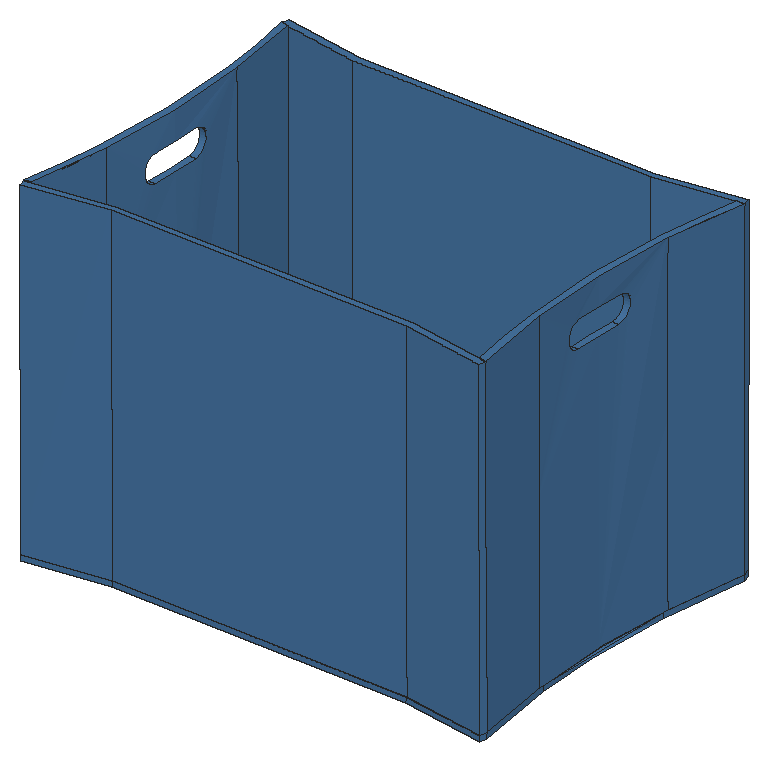
Revit family "Haworth_BuzziBox", category Furniture, Revit 2018
Family settings
  OmniClass Number = 23.40.70.14.64.21
  OmniClass Title = Systems Furniture
  Work Plane-Based = No
  Always vertical = Yes
  Cut with Voids When Loaded = No
  Shared = No
  Room Calculation Point = No
Parameters (values of type "HCBZ-BXAB-6")
  XXS Box = no
  XS Box = no
  XL Box = not(or(L Box, M Box, S Box, XS Box, XXS Box))  # yes
  Width = if(XXS Box, 13 25/32", if(XS Box, 13 25/32", if(S Box, 13 25/32", if(M Box, 23 159/256", if(L Box, 25 151/256", 27 143/256")))))  # 27 143/256"
  Warranty = "http://www.haworth.com/resources/product-info/warranties"
  URL - Product = "https://www.haworth.com/products/accessories/accessories-decor/buzzibox"
  URL = "http://www.haworth.com/our-brands/haworth-collection"
  Standard Widths = "13.78, 23.62, 25.59, 27.56 in."  # constant formula
  Standard Heights = "10.63, 13.78, 15.75, 17.72, 19.69 in."  # constant formula
  Standard Depths = "7.09, 9.84, 13.78, 15.75, 17.72, 19.69 in."  # constant formula
  Size = "Verify Final Dim. w/ Haworth"  # constant formula
  S Box = no
  Revision Number = "1"  # constant formula
  Model = "HCBZ-BXAB"  # constant formula
  Min. Width = 13 25/32"  # constant formula
  Min. Depth = 7 23/256"  # constant formula
  Max. Width = 27 143/256"  # constant formula
  Max. Depth = 19 177/256"  # constant formula
  Manufacturer = "Haworth"  # constant formula
  M Box = no
  L Box = no
  Description = "Haworth BuzziBox XL Box"
  Depth = if(XXS Box, 7 23/256", if(XS Box, 9 215/256", if(S Box, 13 25/32", if(M Box, 15 3/4", if(L Box, 17 23/32", 19 177/256")))))  # 19 177/256"
  Box Body Finish [instance] = Haworth _ Fabric _ BuzziFelt _ Jeans BFE-75
  Author = "Haworth (Abd Rahman)"  # constant formula
  Assembly Code = "E2020200"
  Actual Width = if(Width > Max. Width, Max. Width, if(Width < Min. Width, Min. Width, Width))  # 27 143/256"
  Actual Height = if(XXS Box, 10 161/256", if(XS Box, 10 161/256", if(S Box, 13 25/32", if(M Box, 15 3/4", if(L Box, 17 23/32", 19 177/256")))))  # 19 177/256"
  Actual Depth = if(Depth > Max. Depth, Max. Depth, if(Depth < Min. Depth, Min. Depth, Depth))  # 19 177/256"
Reference planes (in)
  plane 1: z = 0
  plane 2 "Back": y = 11.5957
  plane 3 "Front": y = -8.0957
  plane 4 "Top": z = 19.69141
  plane 5 "Right": x = 46.08538
  plane 6 "Left": x = 18.52678
  plane 7: x = 32.30608
  plane 8: y = 1.75
  plane 9: x = 17.38588
  plane 10: x = 47.30714
  plane 11: x = 45.58538
  plane 12: y = 11.0957
  plane 13: x = 19.02678
  plane 14: y = -7.5957
Lines and regions (in)
  Masking region 1
    outline origin (0, 0, 0) x (1, 0, 0) y (0, 1, 0)
      loop
        line (46.08538, 11.5957) -> (18.52678, 11.5957) -> (18.52678, -8.0957) -> (46.08538, -8.0957) -> (46.08538, 11.5957)
  symbolic lines, detail levels medium+fine
    curve 1: line (19.02678, 11.0957, 0) -> (45.58538, 11.0957, 0)
    curve 2: line (19.02678, -7.5957, 0) -> (19.02678, 11.0957, 0)
    curve 3: line (45.58538, -7.5957, 0) -> (19.02678, -7.5957, 0)
    curve 4: line (45.58538, 11.0957, 0) -> (45.58538, -7.5957, 0)
Dimensions and locks (in)
  "Actual Width": plane 6 "Left" to plane 5 "Right"
  "Actual Depth": plane 3 "Front" to plane 2 "Back"
  equal spacing: plane 6 "Left", plane 7, plane 5 "Right"
  equal spacing: plane 2 "Back", plane 8, plane 3 "Front"
  "Actual Height": plane 4 "Top" to plane 1  (x2)
  locked: plane 2 "Back" to plane 12 at 0.5
  locked: plane 11 to plane 5 "Right" at 0.5
  locked: plane 3 "Front" to plane 14 at 0.5
  locked: plane 6 "Left" to plane 13 at 0.5
  aligned and locked: plane 2 "Back" to Masking region 1
  aligned and locked: plane 5 "Right" to Masking region 1
  aligned and locked: plane 3 "Front" to Masking region 1
  aligned and locked: plane 6 "Left" to Masking region 1
  aligned and locked: curve 1 to plane 12
  aligned and locked: curve 4 to plane 11
  aligned and locked: curve 3 to plane 14
  aligned and locked: curve 2 to plane 13
  aligned and locked: plane 5 "Right" to nested 1
  aligned and locked: plane 2 "Back" to nested 1
  aligned and locked: plane 6 "Left" to nested 1
  aligned and locked: nested 1 to plane 3 "Front"
Automatic sketch dimensions
  Masking region 1 sketch curve to plane 2 "Back" = 0"
  plane 6 "Left" to Masking region 1 sketch curve = 0"
  plane 5 "Right" to Masking region 1 sketch curve = 0"
  plane 3 "Front" to Masking region 1 sketch curve = 0"
Nested families (in)
  nested 1: "Haworth_BuzziBox_PART" at (0, 0, 0), Box Body Finish <- "Box Body Finish", type "PART"
Definition of nested family "Haworth_BuzziBox_PART"
  Parameters (values of type "PART")
    XXS Box = yes
    XS Box = yes
    XL Box = yes
    Warranty = "http://www.haworth.com/resources/product-info/warranties"
    URL - Product = "https://www.haworth.com/products/accessories/accessories-decor/buzzibox"
    URL = "http://www.haworth.com/our-brands/haworth-collection"
    Size = "Verify Final Dim. w/ Haworth"  # constant formula
    S Box = yes
    Revision Number = "1"  # constant formula
    Model = "HCBZ-BXAB"  # constant formula
    Manufacturer = "Haworth"  # constant formula
    M Box = yes
    L Box = yes
    Description = "Haworth BuzziBox - PART"
    Box Body Finish [instance] = none
    Author = "Haworth (Abd Rahman)"  # constant formula
    Assembly Code = "E2020200"
    Actual Width = 27 143/256"
    Actual Height = 19 177/256"
    Actual Depth = 19 177/256"
  Reference planes (in)
    plane 1: z = 0
    plane 2 "Top": z = 19.69141
    plane 3: x = 32.30608
    plane 4: y = 1.75
    plane 5: x = 17.38588
    plane 6: x = 47.30714
    plane 7: z = 0.31496
    plane 8: z = 17.72
    plane 9: z = 15.75
    plane 10: z = 13.78
    plane 11: z = 10.63
    plane 12: x = 18.52678
    plane 13: x = 46.08538
    plane 14: y = 11.5957
    plane 15: y = -8.0957
  Forms (in)
    SweptBlend 1, solid, material <- "Box Body Finish", visible <- "XL Box"
      path origin (42.07954, -33.99535, 0) x (0, -1, 0) y (0, 0, -1)
        loop
          line (-45.63516, -0.31496) -> (-45.63516, -19.69141)
      profile origin (42.07954, 11.63981, 0.31496) x (0, -1, 0) y (1, 0, 0)
        loop
          line (0.55817, 3.69033) -> (0.17191, 3.59073)
          arc (0.17191, 3.59073) -> (0.60838, 1.1629) -> (0.91654, -1.28453) r 46.87691
          arc (0.91654, -1.28453) -> (1.342, -9.87806) -> (0.91654, -18.47159) r 87
          arc (0.91654, -18.47159) -> (0.61948, -20.84595) -> (0.20165, -23.20205) r 46.87691
          line (0.20165, -23.20205) -> (0.58797, -23.30167)
          arc (0.58797, -23.30167) -> (1.00839, -20.93887) -> (1.30835, -18.55779) r 47.27535
          arc (1.30835, -18.55779) -> (1.74241, -9.87806) -> (1.30835, -1.19833) r 87
          arc (1.30835, -1.19833) -> (0.99724, 1.25582) -> (0.55817, 3.69033) r 47.27535
      end profile origin (42.07954, 11.63981, 19.69141) x (0, -1, 0) y (1, 0, 0)
        loop
          line (0.5167, 3.67974) -> (0.13043, 3.58013)
          arc (0.13043, 3.58013) -> (0.56553, 1.15755) -> (0.87287, -1.28453) r 46.87691
          arc (0.87287, -1.28453) -> (1.29833, -9.87806) -> (0.87287, -18.47159) r 87
          arc (0.87287, -18.47159) -> (0.57681, -20.83933) -> (0.16066, -23.18893) r 46.87691
          line (0.16066, -23.18893) -> (0.54698, -23.28855)
          arc (0.54698, -23.28855) -> (0.96572, -20.93226) -> (1.26468, -18.55779) r 47.27535
          arc (1.26468, -18.55779) -> (1.69874, -9.87806) -> (1.26468, -1.19833) r 87
          arc (1.26468, -1.19833) -> (0.95439, 1.25047) -> (0.5167, 3.67974) r 47.27535
    SweptBlend 2, solid, material <- "Box Body Finish", visible <- "XL Box"
      path origin (42.07954, 37.38441, 0) x (0, 1, 0) y (0, 0, 1)
        loop
          line (-45.63516, 0.31496) -> (-45.63516, 19.69141)
      profile origin (42.07954, -8.25076, 0.31496) x (0, -1, 0) y (1, 0, 0)
        loop
          arc (-0.55817, 3.69033) -> (-0.99724, 1.25582) -> (-1.30835, -1.19833) r 47.27535
          arc (-1.30835, -1.19833) -> (-1.74241, -9.87806) -> (-1.30835, -18.55779) r 87
          arc (-1.30835, -18.55779) -> (-1.00839, -20.93887) -> (-0.58797, -23.30167) r 47.27535
          line (-0.58797, -23.30167) -> (-0.20165, -23.20205)
          arc (-0.20165, -23.20205) -> (-0.61948, -20.84595) -> (-0.91654, -18.47159) r 46.87691
          arc (-0.91654, -18.47159) -> (-1.342, -9.87806) -> (-0.91654, -1.28453) r 87
          arc (-0.91654, -1.28453) -> (-0.60838, 1.1629) -> (-0.17191, 3.59073) r 46.87691
          line (-0.17191, 3.59073) -> (-0.55817, 3.69033)
      end profile origin (42.07954, -8.25076, 19.69141) x (0, -1, 0) y (1, 0, 0)
        loop
          arc (-0.5167, 3.67974) -> (-0.95439, 1.25047) -> (-1.26468, -1.19833) r 47.27535
          arc (-1.26468, -1.19833) -> (-1.69874, -9.87806) -> (-1.26468, -18.55779) r 87
          arc (-1.26468, -18.55779) -> (-0.96572, -20.93226) -> (-0.54698, -23.28855) r 47.27535
          line (-0.54698, -23.28855) -> (-0.16066, -23.18893)
          arc (-0.16066, -23.18893) -> (-0.57681, -20.83933) -> (-0.87287, -18.47159) r 46.87691
          arc (-0.87287, -18.47159) -> (-1.29833, -9.87806) -> (-0.87287, -1.28453) r 87
          arc (-0.87287, -1.28453) -> (-0.56553, 1.15755) -> (-0.13043, 3.58013) r 46.87691
          line (-0.13043, 3.58013) -> (-0.5167, 3.67974)
    SweptBlend 3, solid, material <- "Box Body Finish", visible <- "XL Box"
      path origin (0.15322, -8.15118, 0) x (-1, 0, 0) y (0, 0, 1)
        loop
          arc (-45.75051, 0.31496) -> (-45.83876, 10.00463) -> (-46.09154, 19.69141) r 570.5932
      profile origin (45.90373, -8.15118, 0.31496) x (-1, 0, 0.000616) y (0, -1, 0)
        loop
          arc (0.85123, -14.56009) -> (0.55728, -16.90428) -> (0.14559, -19.23069) r 46.87691
          spline (0.14559, -19.23069) -> (0.18087, -19.22339) -> (0.21615, -19.21612) -> (0.25144, -19.20888) -> (0.28673, -19.20166) -> (0.32203, -19.19447) -> (0.35734, -19.18731) -> (0.39265, -19.18017) -> (0.42796, -19.17306) -> (0.46328, -19.16598) -> (0.49861, -19.15892) -> (0.53394, -19.15189) -> (0.56928, -19.14489)
          arc (0.56928, -19.14489) -> (0.96375, -16.88054) -> (1.24769, -14.59968) r 47.27535
          arc (1.24769, -14.59968) -> (1.4845, -9.8457) -> (1.24769, -5.09172) r 47.83736
          arc (1.24769, -5.09172) -> (0.96375, -2.81087) -> (0.56928, -0.54651) r 47.27535
          spline (0.56928, -0.54651) -> (0.53394, -0.53951) -> (0.49861, -0.53248) -> (0.46328, -0.52543) -> (0.42796, -0.51834) -> (0.39265, -0.51123) -> (0.35734, -0.5041) -> (0.32203, -0.49693) -> (0.28673, -0.48974) -> (0.25144, -0.48253) -> (0.21615, -0.47528) -> (0.18087, -0.46801) -> (0.14559, -0.46071)
          arc (0.14559, -0.46071) -> (0.55728, -2.78712) -> (0.85123, -5.13132) r 46.87691
          arc (0.85123, -5.13132) -> (1.08606, -9.8457) -> (0.85123, -14.56009) r 47.43892
      end profile origin (46.24475, -8.15118, 19.69141) x (-0.999402, 0, 0.034574) y (0, -1, 0)
        loop
          arc (1.18442, -14.56009) -> (0.88698, -16.92733) -> (0.46948, -19.27637) r 46.87691
          spline (0.46948, -19.27637) -> (0.50478, -19.26905) -> (0.54008, -19.26177) -> (0.57538, -19.25451) -> (0.61069, -19.24727) -> (0.64601, -19.24007) -> (0.68133, -19.23289) -> (0.71666, -19.22574) -> (0.75199, -19.21861) -> (0.78733, -19.21151) -> (0.82267, -19.20444) -> (0.85802, -19.1974) -> (0.89338, -19.19038)
          arc (0.89338, -19.19038) -> (1.29351, -16.90348) -> (1.58089, -14.59968) r 47.27535
          arc (1.58089, -14.59968) -> (1.81769, -9.8457) -> (1.58089, -5.09172) r 47.83736
          arc (1.58089, -5.09172) -> (1.29351, -2.78793) -> (0.89338, -0.50102) r 47.27535
          spline (0.89338, -0.50102) -> (0.85802, -0.49401) -> (0.82267, -0.48696) -> (0.78733, -0.47989) -> (0.75199, -0.47279) -> (0.71666, -0.46567) -> (0.68133, -0.45852) -> (0.64601, -0.45134) -> (0.61069, -0.44413) -> (0.57538, -0.4369) -> (0.54008, -0.42964) -> (0.50478, -0.42235) -> (0.46948, -0.41504)
          arc (0.46948, -0.41504) -> (0.88698, -2.76408) -> (1.18442, -5.13132) r 46.87691
          arc (1.18442, -5.13132) -> (1.41926, -9.8457) -> (1.18442, -14.56009) r 47.43892
    Extrusion 4, solid, material <- "Box Body Finish", visible <- "XL Box"
      sketch origin (-0.1046, -0.05547, 0) x (1, 0, 0) y (0, 1, 0)
        loop
          line (18.88796, -7.61874) -> (18.98463, -7.99361)
          arc (18.98463, -7.99361) -> (21.33774, -7.57655) -> (23.70905, -7.27995) r 46.87691
          arc (23.70905, -7.27995) -> (32.30258, -6.8545) -> (40.89612, -7.27995) r 87
          arc (40.89612, -7.27995) -> (43.34511, -7.58835) -> (45.77448, -8.02523) r 46.87691
          line (45.77448, -8.02523) -> (45.87146, -7.64914)
          spline (45.87146, -7.64914) -> (45.78884, -7.23306) -> (45.70999, -6.81626) -> (45.63491, -6.39876) -> (45.56361, -5.9806) -> (45.49609, -5.56181) -> (45.43237, -5.14242) -> (45.37244, -4.72248) -> (45.3163, -4.30201) -> (45.26397, -3.88105) -> (45.21545, -3.45963) -> (45.17075, -3.03779) -> (45.12985, -2.61556)
          spline (45.12985, -2.61556) -> (45.06849, -1.8899) -> (45.01826, -1.16339) -> (44.97917, -0.43619) -> (44.95124, 0.29153) -> (44.93446, 1.01959) -> (44.92884, 1.74782) -> (44.93439, 2.47605) -> (44.9511, 3.20411) -> (44.97897, 3.93183) -> (45.018, 4.65903) -> (45.06816, 5.38555) -> (45.12946, 6.11122)
          spline (45.12946, 6.11122) -> (45.17035, 6.53379) -> (45.21506, 6.95598) -> (45.26359, 7.37774) -> (45.31593, 7.79905) -> (45.37208, 8.21987) -> (45.43204, 8.64016) -> (45.4958, 9.05989) -> (45.56336, 9.47902) -> (45.63471, 9.89753) -> (45.70984, 10.31537) -> (45.78875, 10.73251) -> (45.87143, 11.14892)
          line (45.87143, 11.14892) -> (45.77466, 11.52419)
          arc (45.77466, 11.52419) -> (43.34137, 11.08628) -> (40.88837, 10.77727) r 46.87691
          arc (40.88837, 10.77727) -> (32.29485, 10.35182) -> (23.70132, 10.77727) r 87
          arc (23.70132, 10.77727) -> (21.33338, 11.07336) -> (18.98358, 11.48957) r 46.87691
          line (18.98358, 11.48957) -> (18.88796, 11.11874)
          spline (18.88796, 11.11874) -> (18.9698, 10.70522) -> (19.04791, 10.29098) -> (19.12231, 9.87605) -> (19.19297, 9.46047) -> (19.25989, 9.04428) -> (19.32308, 8.62749) -> (19.38251, 8.21016) -> (19.43819, 7.79231) -> (19.49012, 7.37397) -> (19.53828, 6.95519) -> (19.58268, 6.53598) -> (19.62331, 6.1164)
          spline (19.62331, 6.1164) -> (19.68473, 5.39023) -> (19.735, 4.66321) -> (19.7741, 3.93549) -> (19.80205, 3.20727) -> (19.81881, 2.4787) -> (19.8244, 1.74996) -> (19.81881, 1.02122) -> (19.80204, 0.29265) -> (19.7741, -0.43558) -> (19.73499, -1.16329) -> (19.68472, -1.89032) -> (19.62331, -2.61648)
          spline (19.62331, -2.61648) -> (19.58267, -3.03606) -> (19.53827, -3.45526) -> (19.49011, -3.87404) -> (19.43819, -4.29236) -> (19.3825, -4.71021) -> (19.32307, -5.12754) -> (19.25989, -5.54431) -> (19.19296, -5.9605) -> (19.1223, -6.37607) -> (19.04791, -6.79099) -> (18.9698, -7.20522) -> (18.88796, -7.61874)
      from 0 to 0.31496
    SweptBlend 5, solid, material <- "Box Body Finish", visible <- "XL Box"
      path origin (64.39037, -8.15118, 0) x (1, 0, 0) y (0, 0, 1)
        loop
          arc (-45.75047, 0.31496) -> (-45.83737, 10.00462) -> (-46.0888, 19.69141) r 570.5932
      profile origin (18.63991, -8.15118, 0.31496) x (-1, 0, -0.000477) y (0, -1, 0)
        loop
          arc (-0.85123, -14.56009) -> (-1.08606, -9.8457) -> (-0.85123, -5.13132) r 47.43892
          arc (-0.85123, -5.13132) -> (-0.55935, -2.80083) -> (-0.1511, -0.48788) r 46.87691
          arc (-0.1511, -0.48788) -> (-0.36266, -0.5306) -> (-0.57442, -0.57235) r 47.27535
          arc (-0.57442, -0.57235) -> (-0.96569, -2.8239) -> (-1.24769, -5.09172) r 47.27535
          arc (-1.24769, -5.09172) -> (-1.4845, -9.8457) -> (-1.24769, -14.59968) r 47.83736
          arc (-1.24769, -14.59968) -> (-0.96569, -16.86751) -> (-0.57442, -19.11905) r 47.27535
          arc (-0.57442, -19.11905) -> (-0.36266, -19.16081) -> (-0.1511, -19.20353) r 47.27535
          arc (-0.1511, -19.20353) -> (-0.55935, -16.89058) -> (-0.85123, -14.56009) r 46.87691
      end profile origin (18.30157, -8.15118, 19.69141) x (-0.999407, 0, -0.034435) y (0, -1, 0)
        loop
          arc (-1.18442, -14.56009) -> (-1.41926, -9.8457) -> (-1.18442, -5.13132) r 47.43892
          arc (-1.18442, -5.13132) -> (-0.88923, -2.77896) -> (-0.47549, -0.44453) r 46.87691
          spline (-0.47549, -0.44453) -> (-0.51075, -0.45172) -> (-0.54602, -0.45889) -> (-0.58129, -0.46602) -> (-0.61657, -0.47314) -> (-0.65186, -0.48022) -> (-0.68714, -0.48728) -> (-0.72244, -0.49431) -> (-0.75774, -0.50132) -> (-0.79304, -0.5083) -> (-0.82835, -0.51525) -> (-0.86367, -0.52217) -> (-0.89899, -0.52907)
          arc (-0.89899, -0.52907) -> (-1.29563, -2.80207) -> (-1.58089, -5.09172) r 47.27535
          arc (-1.58089, -5.09172) -> (-1.81769, -9.8457) -> (-1.58089, -14.59968) r 47.83736
          arc (-1.58089, -14.59968) -> (-1.29563, -16.88933) -> (-0.89899, -19.16234) r 47.27535
          spline (-0.89899, -19.16234) -> (-0.86367, -19.16924) -> (-0.82835, -19.17616) -> (-0.79304, -19.18311) -> (-0.75774, -19.19009) -> (-0.72244, -19.19709) -> (-0.68714, -19.20412) -> (-0.65186, -19.21118) -> (-0.61657, -19.21827) -> (-0.58129, -19.22538) -> (-0.54602, -19.23252) -> (-0.51075, -19.23969) -> (-0.47549, -19.24688)
          arc (-0.47549, -19.24688) -> (-0.88923, -16.91245) -> (-1.18442, -14.56009) r 46.87691
    Extrusion 6, void
      sketch origin (45.98078, -0.05547, 0) x (0, 1, 0) y (0, 0, 1)
        loop
          arc (0.26786, 18.11974) -> (-0.51954, 17.33234) -> (0.26786, 16.54493) r 0.7874
          line (0.26786, 16.54493) -> (3.23214, 16.54493)
          arc (3.23214, 16.54493) -> (4.01954, 17.33383) -> (3.22915, 18.11973) r 0.7874
          line (3.22915, 18.11973) -> (0.26786, 18.11974)
      from -29.43834 to 1.8253
    SweptBlend 7, solid, material <- "Box Body Finish", visible <- "L Box"
      path origin (42.19704, -33.87066, 0) x (0, -1, 0) y (0, 0, -1)
        loop
          line (-45.01016, -0.31496) -> (-45.01016, -17.72)
      profile origin (42.19704, 11.13951, 0.31496) x (0, -1, 0) y (1, 0, 0)
        loop
          line (0.71229, 2.91506) -> (0.32566, 2.81536)
          arc (0.32566, 2.81536) -> (0.66641, 0.77195) -> (0.91654, -1.28453) r 46.87691
          arc (0.91654, -1.28453) -> (1.342, -9.87806) -> (0.91654, -18.47159) r 87
          arc (0.91654, -18.47159) -> (0.66655, -20.52705) -> (0.32604, -22.56947) r 46.87691
          line (0.32604, -22.56947) -> (0.71267, -22.66917)
          arc (0.71267, -22.66917) -> (1.0557, -20.62003) -> (1.30835, -18.55779) r 47.27535
          arc (1.30835, -18.55779) -> (1.74241, -9.87806) -> (1.30835, -1.19833) r 87
          arc (1.30835, -1.19833) -> (1.05555, 0.86492) -> (0.71229, 2.91506) r 47.27535
      end profile origin (42.19704, 11.13951, 17.72) x (0, -1, 0) y (1, 0, 0)
        loop
          line (0.92038, 2.90579) -> (0.53375, 2.80609)
          arc (0.53375, 2.80609) -> (0.87341, 0.76728) -> (1.12287, -1.28453) r 46.87691
          arc (1.12287, -1.28453) -> (1.54833, -9.87806) -> (1.12287, -18.47159) r 87
          arc (1.12287, -18.47159) -> (0.87353, -20.52261) -> (0.53405, -22.56064) r 46.87691
          line (0.53405, -22.56064) -> (0.92068, -22.66034)
          arc (0.92068, -22.66034) -> (1.26267, -20.61558) -> (1.51468, -18.55779) r 47.27535
          arc (1.51468, -18.55779) -> (1.94874, -9.87806) -> (1.51468, -1.19833) r 87
          arc (1.51468, -1.19833) -> (1.26256, 0.86025) -> (0.92038, 2.90579) r 47.27535
    SweptBlend 8, solid, material <- "Box Body Finish", visible <- "L Box"
      path origin (-0.36209, -8.02648, 0) x (-1, 0, 0) y (0, 0, 1)
        loop
          arc (-45.75051, 0.31496) -> (-45.82225, 9.01853) -> (-46.02675, 17.72) r 570.5932
      profile origin (45.38842, -8.02648, 0.31496) x (-1, 0, 0.000616) y (0, -1, 0)
        loop
          arc (0.87981, -14.55981) -> (0.64356, -16.51084) -> (0.32573, -18.45024) r 46.87563
          arc (0.32573, -18.45024) -> (0.53642, -18.41077) -> (0.74727, -18.37225) r 47.27535
          arc (0.74727, -18.37225) -> (1.05079, -16.49141) -> (1.27828, -14.59987) r 47.27505
          arc (1.27828, -14.59987) -> (1.51509, -9.84594) -> (1.27829, -5.092) r 47.83703
          arc (1.27829, -5.092) -> (1.03199, -3.06823) -> (0.69867, -1.05696) r 47.275
          arc (0.69867, -1.05696) -> (0.48737, -1.01813) -> (0.27625, -0.97834) r 47.27535
          arc (0.27625, -0.97834) -> (0.62454, -3.04811) -> (0.87983, -5.13139) r 46.8756
          arc (0.87983, -5.13139) -> (1.11465, -9.8456) -> (0.87981, -14.55981) r 47.43764
      end profile origin (45.66465, -8.02648, 17.72) x (-0.999516, 0, 0.031119) y (0, -1, 0)
        loop
          arc (1.14536, -14.56009) -> (0.92461, -16.40134) -> (0.6312, -18.23242) r 46.87691
          spline (0.6312, -18.23242) -> (0.66605, -18.22587) -> (0.70091, -18.21934) -> (0.73577, -18.21284) -> (0.77063, -18.20636) -> (0.8055, -18.19991) -> (0.84038, -18.19349) -> (0.87526, -18.18709) -> (0.91014, -18.18072) -> (0.94503, -18.17438) -> (0.97993, -18.16806) -> (1.01483, -18.16177) -> (1.04973, -18.1555)
          arc (1.04973, -18.1555) -> (1.32954, -16.38226) -> (1.54182, -14.59968) r 47.27535
          arc (1.54182, -14.59968) -> (1.77863, -9.8457) -> (1.54182, -5.09172) r 47.83736
          arc (1.54182, -5.09172) -> (1.31111, -3.17737) -> (1.00253, -1.27402) r 47.27535
          spline (1.00253, -1.27402) -> (0.96755, -1.2677) -> (0.93257, -1.26135) -> (0.89759, -1.25498) -> (0.86262, -1.24859) -> (0.82765, -1.24216) -> (0.79269, -1.23571) -> (0.75773, -1.22924) -> (0.72278, -1.22274) -> (0.68783, -1.21621) -> (0.65289, -1.20965) -> (0.61795, -1.20307) -> (0.58302, -1.19647)
          arc (0.58302, -1.19647) -> (0.90591, -3.15793) -> (1.14536, -5.13132) r 46.87691
          arc (1.14536, -5.13132) -> (1.38019, -9.8457) -> (1.14536, -14.56009) r 47.43892
    SweptBlend 9, solid, material <- "Box Body Finish", visible <- "L Box"
      path origin (65.00788, -8.02648, 0) x (1, 0, 0) y (0, 0, 1)
        loop
          arc (-45.75051, 0.31496) -> (-45.82225, 9.01853) -> (-46.02675, 17.72) r 570.5932
      profile origin (19.25737, -8.02648, 0.31496) x (-1, 0, -0.000616) y (0, -1, 0)
        loop
          arc (-0.87076, -14.56009) -> (-1.10559, -9.8457) -> (-0.87076, -5.13132) r 47.43892
          arc (-0.87076, -5.13132) -> (-0.61563, -3.04912) -> (-0.26761, -0.98041) r 46.87691
          arc (-0.26761, -0.98041) -> (-0.4777, -1.01996) -> (-0.68796, -1.05856) r 47.27535
          arc (-0.68796, -1.05856) -> (-1.02107, -3.0689) -> (-1.26723, -5.09172) r 47.27535
          arc (-1.26723, -5.09172) -> (-1.50403, -9.8457) -> (-1.26723, -14.59968) r 47.83736
          arc (-1.26723, -14.59968) -> (-1.03983, -16.49053) -> (-0.73647, -18.37068) r 47.27535
          arc (-0.73647, -18.37068) -> (-0.5267, -18.40895) -> (-0.31712, -18.44817) r 47.27535
          arc (-0.31712, -18.44817) -> (-0.63467, -16.50993) -> (-0.87076, -14.56009) r 46.87691
      end profile origin (18.98113, -8.02648, 17.72) x (-0.999516, 0, -0.031119) y (0, -1, 0)
        loop
          arc (-1.12583, -14.56009) -> (-1.36066, -9.8457) -> (-1.12583, -5.13132) r 47.43892
          arc (-1.12583, -5.13132) -> (-0.88622, -3.15677) -> (-0.56306, -1.19416) r 46.87691
          spline (-0.56306, -1.19416) -> (-0.59799, -1.20078) -> (-0.63293, -1.20737) -> (-0.66788, -1.21393) -> (-0.70283, -1.22047) -> (-0.73778, -1.22698) -> (-0.77274, -1.23347) -> (-0.80771, -1.23993) -> (-0.84268, -1.24636) -> (-0.87765, -1.25277) -> (-0.91263, -1.25915) -> (-0.94761, -1.2655) -> (-0.9826, -1.27183)
          arc (-0.9826, -1.27183) -> (-1.29143, -3.17627) -> (-1.52229, -5.09172) r 47.27535
          arc (-1.52229, -5.09172) -> (-1.7591, -9.8457) -> (-1.52229, -14.59968) r 47.83736
          arc (-1.52229, -14.59968) -> (-1.30986, -16.38336) -> (-1.02982, -18.15767) r 47.27535
          spline (-1.02982, -18.15767) -> (-0.99491, -18.16395) -> (-0.96001, -18.17025) -> (-0.92511, -18.17658) -> (-0.89022, -18.18293) -> (-0.85533, -18.18931) -> (-0.82045, -18.19572) -> (-0.78557, -18.20215) -> (-0.7507, -18.20861) -> (-0.71583, -18.2151) -> (-0.68097, -18.22161) -> (-0.64611, -18.22815) -> (-0.61125, -18.23471)
          arc (-0.61125, -18.23471) -> (-0.90491, -16.40249) -> (-1.12583, -14.56009) r 46.87691
    SweptBlend 10, solid, material <- "Box Body Finish", visible <- "L Box"
      path origin (42.19704, 37.25569, 0) x (0, 1, 0) y (0, 0, 1)
        loop
          line (-45.01016, 0.31496) -> (-45.01016, 17.72)
      profile origin (42.19704, -7.75447, 0.31496) x (0, -1, 0) y (1, 0, 0)
        loop
          arc (-0.71229, 2.91506) -> (-1.05555, 0.86492) -> (-1.30835, -1.19833) r 47.27535
          arc (-1.30835, -1.19833) -> (-1.74241, -9.87806) -> (-1.30835, -18.55779) r 87
          arc (-1.30835, -18.55779) -> (-1.0557, -20.62003) -> (-0.71267, -22.66917) r 47.27535
          line (-0.71267, -22.66917) -> (-0.32604, -22.56947)
          arc (-0.32604, -22.56947) -> (-0.66655, -20.52705) -> (-0.91654, -18.47159) r 46.87691
          arc (-0.91654, -18.47159) -> (-1.342, -9.87806) -> (-0.91654, -1.28453) r 87
          arc (-0.91654, -1.28453) -> (-0.66641, 0.77195) -> (-0.32566, 2.81536) r 46.87691
          line (-0.32566, 2.81536) -> (-0.71229, 2.91506)
      end profile origin (42.19704, -7.75447, 17.72) x (0, -1, 0) y (1, 0, 0)
        loop
          arc (-0.92038, 2.90579) -> (-1.26256, 0.86025) -> (-1.51468, -1.19833) r 47.27535
          arc (-1.51468, -1.19833) -> (-1.94874, -9.87806) -> (-1.51468, -18.55779) r 87
          arc (-1.51468, -18.55779) -> (-1.26267, -20.61558) -> (-0.92068, -22.66034) r 47.27535
          line (-0.92068, -22.66034) -> (-0.53405, -22.56064)
          arc (-0.53405, -22.56064) -> (-0.87353, -20.52261) -> (-1.12287, -18.47159) r 46.87691
          arc (-1.12287, -18.47159) -> (-1.54833, -9.87806) -> (-1.12287, -1.28453) r 87
          arc (-1.12287, -1.28453) -> (-0.87341, 0.76728) -> (-0.53375, 2.80609) r 46.87691
          line (-0.53375, 2.80609) -> (-0.92038, 2.90579)
    Extrusion 11, void
      sketch origin (46.09828, 33.06922, 0) x (0, 1, 0) y (0, 0, 1)
        loop
          arc (-33.16964, 16.15099) -> (-33.95704, 15.36359) -> (-33.16964, 14.57618) r 0.7874
          line (-33.16964, 14.57618) -> (-30.20536, 14.57618)
          arc (-30.20536, 14.57618) -> (-29.41796, 15.36508) -> (-30.20835, 16.15098) r 0.7874
          line (-30.20835, 16.15098) -> (-33.16964, 16.15099)
      from -29.52215 to 1.66841
    SweptBlend 12, solid, material <- "Box Body Finish", visible <- "M Box"
      path origin (42.31633, -34.59915, 0) x (0, -1, 0) y (0, 0, -1)
        loop
          line (-45.01016, -0.31496) -> (-45.01016, -15.75)
      profile origin (42.31633, 10.41101, 0.31496) x (0, -1, 0) y (1, 0, 0)
        loop
          arc (0.91654, -1.28453) -> (1.342, -9.87806) -> (0.91654, -18.47159) r 87
          arc (0.91654, -18.47159) -> (0.74132, -19.98592) -> (0.51695, -21.49374) r 46.87691
          arc (0.51695, -21.49374) -> (0.72433, -21.45927) -> (0.93186, -21.42572) r 47.28174
          arc (0.93186, -21.42572) -> (1.14205, -19.99463) -> (1.30835, -18.55779) r 47.27535
          arc (1.30835, -18.55779) -> (1.74241, -9.87806) -> (1.30835, -1.19833) r 87
          arc (1.30835, -1.19833) -> (1.13609, 0.28374) -> (0.91714, 1.75964) r 47.27535
          arc (0.91714, 1.75964) -> (0.70943, 1.79344) -> (0.50187, 1.82816) r 47.28144
          arc (0.50187, 1.82816) -> (0.73528, 0.27529) -> (0.91654, -1.28453) r 46.87691
      end profile origin (42.31633, 10.41101, 15.75) x (0, -1, 0) y (1, 0, 0)
        loop
          arc (1.12287, -1.28453) -> (1.54833, -9.87806) -> (1.12287, -18.47159) r 87
          arc (1.12287, -18.47159) -> (0.9502, -19.96655) -> (0.72964, -21.45519) r 46.87691
          spline (0.72964, -21.45519) -> (0.76416, -21.44952) -> (0.79868, -21.44389) -> (0.83321, -21.43828) -> (0.86775, -21.43269) -> (0.90228, -21.42713) -> (0.93682, -21.4216) -> (0.97137, -21.41609) -> (1.00592, -21.41061) -> (1.04047, -21.40515) -> (1.07503, -21.39972) -> (1.10959, -21.39432) -> (1.14415, -21.38894)
          arc (1.14415, -21.38894) -> (1.3508, -19.97616) -> (1.51468, -18.55779) r 47.27535
          arc (1.51468, -18.55779) -> (1.94874, -9.87806) -> (1.51468, -1.19833) r 87
          arc (1.51468, -1.19833) -> (1.34473, 0.26625) -> (1.12918, 1.72483) r 47.27535
          spline (1.12918, 1.72483) -> (1.09459, 1.73022) -> (1.06001, 1.73564) -> (1.02542, 1.74108) -> (0.99085, 1.74655) -> (0.95627, 1.75204) -> (0.9217, 1.75756) -> (0.88714, 1.7631) -> (0.85258, 1.76867) -> (0.81802, 1.77427) -> (0.78347, 1.77989) -> (0.74892, 1.78554) -> (0.71438, 1.79121)
          arc (0.71438, 1.79121) -> (0.94408, 0.25672) -> (1.12287, -1.28453) r 46.87691
    SweptBlend 13, solid, material <- "Box Body Finish", visible <- "M Box"
      path origin (-1.12171, -7.87997, 0) x (-1, 0, 0) y (0, 0, 1)
        loop
          arc (-45.75051, 0.31496) -> (-45.80747, 8.03322) -> (-45.96882, 15.75) r 570.5932
      profile origin (44.6288, -7.87997, 0.31496) x (-1, 0, 0.000616) y (0, -1, 0)
        loop
          arc (0.93283, -14.52591) -> (0.76825, -15.95246) -> (0.56005, -17.3733) r 46.87563
          arc (0.56005, -17.3733) -> (0.74375, -17.34347) -> (0.92756, -17.31435) r 47.27535
          arc (0.92756, -17.31435) -> (1.12257, -15.95965) -> (1.27828, -14.59987) r 47.27505
          arc (1.27828, -14.59987) -> (1.51509, -9.84594) -> (1.27829, -5.092) r 47.83703
          arc (1.27829, -5.092) -> (1.09044, -3.48851) -> (0.84795, -1.89238) r 47.275
          arc (0.84795, -1.89238) -> (0.66981, -1.86386) -> (0.49179, -1.83467) r 47.27535
          arc (0.49179, -1.83467) -> (0.74071, -3.46208) -> (0.93282, -5.09718) r 47.28232
          arc (0.93282, -5.09718) -> (1.16766, -9.81154) -> (0.93283, -14.52591) r 47.43764
      end profile origin (44.84711, -7.87997, 15.75) x (-0.999617, 0, 0.027666) y (0, -1, 0)
        loop
          arc (1.14536, -14.56009) -> (0.99679, -15.86309) -> (0.81183, -17.16143) r 46.87691
          spline (0.81183, -17.16143) -> (0.84626, -17.1558) -> (0.88069, -17.1502) -> (0.91513, -17.14463) -> (0.94958, -17.13908) -> (0.98402, -17.13356) -> (1.01848, -17.12806) -> (1.05293, -17.12259) -> (1.08739, -17.11714) -> (1.12186, -17.11172) -> (1.15632, -17.10632) -> (1.1908, -17.10095) -> (1.22527, -17.0956)
          arc (1.22527, -17.0956) -> (1.40015, -15.84975) -> (1.54182, -14.59968) r 47.27535
          arc (1.54182, -14.59968) -> (1.77863, -9.8457) -> (1.54182, -5.09172) r 47.83736
          arc (1.54182, -5.09172) -> (1.36868, -3.59856) -> (1.14816, -2.11165) r 47.27535
          spline (1.14816, -2.11165) -> (1.11355, -2.10623) -> (1.07895, -2.10078) -> (1.04435, -2.0953) -> (1.00976, -2.0898) -> (0.97517, -2.08427) -> (0.94059, -2.07872) -> (0.90601, -2.07314) -> (0.87143, -2.06754) -> (0.83686, -2.06191) -> (0.80229, -2.05625) -> (0.76773, -2.05057) -> (0.73317, -2.04487)
          arc (0.73317, -2.04487) -> (0.9649, -3.58467) -> (1.14536, -5.13132) r 46.87691
          arc (1.14536, -5.13132) -> (1.38019, -9.8457) -> (1.14536, -14.56009) r 47.43892
    SweptBlend 14, solid, material <- "Box Body Finish", visible <- "M Box"
      path origin (42.31633, 38.05845, 0) x (0, 1, 0) y (0, 0, 1)
        loop
          line (-45.01016, 0.31496) -> (-45.01016, 15.75)
      profile origin (42.31633, -6.95171, 0.31496) x (0, -1, 0) y (1, 0, 0)
        loop
          arc (-0.91654, -1.28453) -> (-0.73008, 0.31415) -> (-0.48886, 1.90548) r 46.87691
          arc (-0.48886, 1.90548) -> (-0.6969, 1.8685) -> (-0.9051, 1.83245) r 47.28232
          arc (-0.9051, 1.83245) -> (-1.13124, 0.32032) -> (-1.30835, -1.19833) r 47.27535
          arc (-1.30835, -1.19833) -> (-1.74241, -9.87806) -> (-1.30835, -18.55779) r 87
          arc (-1.30835, -18.55779) -> (-1.13225, -20.06884) -> (-0.90761, -21.57344) r 47.27535
          arc (-0.90761, -21.57344) -> (-0.69937, -21.60986) -> (-0.49129, -21.6472) r 47.28266
          arc (-0.49129, -21.6472) -> (-0.73105, -20.06303) -> (-0.91654, -18.47159) r 46.87691
          arc (-0.91654, -18.47159) -> (-1.342, -9.87806) -> (-0.91654, -1.28453) r 87
      end profile origin (42.31633, -6.95171, 15.75) x (0, -1, 0) y (1, 0, 0)
        loop
          arc (-1.12287, -1.28453) -> (-0.93892, 0.29542) -> (-0.70148, 1.86822) r 46.87691
          spline (-0.70148, 1.86822) -> (-0.7361, 1.86219) -> (-0.77072, 1.85618) -> (-0.80535, 1.85019) -> (-0.83999, 1.84423) -> (-0.87463, 1.8383) -> (-0.90927, 1.83239) -> (-0.94392, 1.82651) -> (-0.97857, 1.82066) -> (-1.01323, 1.81483) -> (-1.04789, 1.80902) -> (-1.08255, 1.80324) -> (-1.11722, 1.79749)
          arc (-1.11722, 1.79749) -> (-1.3399, 0.30276) -> (-1.51468, -1.19833) r 47.27535
          arc (-1.51468, -1.19833) -> (-1.94874, -9.87806) -> (-1.51468, -18.55779) r 87
          arc (-1.51468, -18.55779) -> (-1.3455, -20.01653) -> (-1.13108, -21.46931) r 47.27535
          spline (-1.13108, -21.46931) -> (-1.09644, -21.47502) -> (-1.06181, -21.48075) -> (-1.02718, -21.48651) -> (-0.99255, -21.4923) -> (-0.95792, -21.49811) -> (-0.92331, -21.50394) -> (-0.88869, -21.5098) -> (-0.85408, -21.51569) -> (-0.81947, -21.5216) -> (-0.78487, -21.52754) -> (-0.75027, -21.5335) -> (-0.71568, -21.53949)
          arc (-0.71568, -21.53949) -> (-0.9446, -20.00891) -> (-1.12287, -18.47159) r 46.87691
          arc (-1.12287, -18.47159) -> (-1.54833, -9.87806) -> (-1.12287, -1.28453) r 87
    Extrusion 15, void
      sketch origin (0.13219, 58.21573, 0) x (0, 1, 0) y (0, 0, -1)
        loop
          line (-57.98214, -14.18224) -> (-55.02085, -14.18223)
          arc (-55.02085, -14.18223) -> (-54.23046, -13.39633) -> (-55.01786, -12.60743) r 0.7874
          line (-55.01786, -12.60743) -> (-57.98214, -12.60743)
          arc (-57.98214, -12.60743) -> (-58.76954, -13.39484) -> (-57.98214, -14.18224) r 0.7874
      from -47.30714 to -17.08538
    Extrusion 16, void
      sketch origin (45.22117, 85.96233, 0) x (0, 1, 0) y (0, 0, 1)
        loop
          line (-82.64901, 12.20375) -> (-85.77156, 12.20375)
          arc (-85.77156, 12.20375) -> (-86.55897, 11.41635) -> (-85.77156, 10.62895) r 0.7874
          line (-85.77156, 10.62895) -> (-82.64901, 10.62895)
          arc (-82.64901, 10.62895) -> (-81.8616, 11.41635) -> (-82.64901, 12.20375) r 0.7874
      from -27.98243 to 2.58491
    SweptBlend 17, solid, material <- "Box Body Finish", visible <- "S Box"
      path origin (42.00211, -37.10902, 0) x (0, -1, 0) y (0, 0, -1)
        loop
          arc (-45.75051, -0.31496) -> (-45.79438, -7.04797) -> (-45.9177, -13.78) r 570.5932
      profile origin (42.00211, 8.64149, 0.31496) x (0, -1, 0.000616) y (1, 0, 0)
        loop
          arc (0.87983, -5.13139) -> (1.11699, -9.89252) -> (0.87983, -14.65365) r 47.91085
          arc (0.87983, -14.65365) -> (0.60518, -15.68939) -> (0.01926, -16.58654) r 3.36978
          line (0.01926, -16.58654) -> (0.30127, -16.86856)
          arc (0.30127, -16.86856) -> (0.96534, -15.86004) -> (1.2763, -14.69325) r 3.76821
          arc (1.2763, -14.69325) -> (1.51543, -9.89252) -> (1.2763, -5.0918) r 48.30928
          arc (1.2763, -5.0918) -> (0.96917, -3.93359) -> (0.31397, -2.93036) r 3.76821
          line (0.31397, -2.93036) -> (0.03188, -3.21245)
          arc (0.03188, -3.21245) -> (0.609, -4.10425) -> (0.87983, -5.13139) r 3.36978
      end profile origin (42.00211, 8.80868, 13.78) x (0, -0.999707, 0.024214) y (1, 0, 0)
        loop
          arc (0.95185, -5.13139) -> (1.18901, -9.89252) -> (0.95185, -14.65365) r 47.91085
          arc (0.95185, -14.65365) -> (0.6772, -15.68939) -> (0.09127, -16.58654) r 3.36978
          line (0.09127, -16.58654) -> (0.37329, -16.86856)
          arc (0.37329, -16.86856) -> (1.03736, -15.86004) -> (1.34832, -14.69325) r 3.76821
          arc (1.34832, -14.69325) -> (1.58745, -9.89252) -> (1.34832, -5.0918) r 48.30928
          arc (1.34832, -5.0918) -> (1.04119, -3.93359) -> (0.38599, -2.93036) r 3.76821
          line (0.38599, -2.93036) -> (0.1039, -3.21245)
          arc (0.1039, -3.21245) -> (0.68102, -4.10425) -> (0.95185, -5.13139) r 3.36978
    SweptBlend 18, solid, material <- "Box Body Finish", visible <- "S Box"
      path origin (42.00211, 40.56815, 0) x (0, 1, 0) y (0, 0, 1)
        loop
          arc (-45.75051, 0.31496) -> (-45.79438, 7.04797) -> (-45.9177, 13.78) r 570.5932
      profile origin (42.00211, -5.18236, 0.31496) x (0, -1, -0.000616) y (1, 0, 0)
        loop
          arc (-0.87983, -5.13139) -> (-0.609, -4.10425) -> (-0.03188, -3.21245) r 3.36978
          line (-0.03188, -3.21245) -> (-0.31397, -2.93036)
          arc (-0.31397, -2.93036) -> (-0.96917, -3.93359) -> (-1.2763, -5.0918) r 3.76821
          arc (-1.2763, -5.0918) -> (-1.51543, -9.89252) -> (-1.2763, -14.69325) r 48.30928
          arc (-1.2763, -14.69325) -> (-0.96534, -15.86004) -> (-0.30127, -16.86856) r 3.76821
          line (-0.30127, -16.86856) -> (-0.01926, -16.58654)
          arc (-0.01926, -16.58654) -> (-0.60518, -15.68939) -> (-0.87983, -14.65365) r 3.36978
          arc (-0.87983, -14.65365) -> (-1.11699, -9.89252) -> (-0.87983, -5.13139) r 47.91085
      end profile origin (42.00211, -5.34955, 13.78) x (0, -0.999707, -0.024214) y (1, 0, 0)
        loop
          arc (-0.95185, -5.13139) -> (-0.68102, -4.10425) -> (-0.1039, -3.21245) r 3.36978
          line (-0.1039, -3.21245) -> (-0.38599, -2.93036)
          arc (-0.38599, -2.93036) -> (-1.04119, -3.93359) -> (-1.34832, -5.0918) r 3.76821
          arc (-1.34832, -5.0918) -> (-1.58745, -9.89252) -> (-1.34832, -14.69325) r 48.30928
          arc (-1.34832, -14.69325) -> (-1.03736, -15.86004) -> (-0.37329, -16.86856) r 3.76821
          line (-0.37329, -16.86856) -> (-0.09127, -16.58654)
          arc (-0.09127, -16.58654) -> (-0.6772, -15.68939) -> (-0.95185, -14.65365) r 3.36978
          arc (-0.95185, -14.65365) -> (-1.18901, -9.89252) -> (-0.95185, -5.13139) r 47.91085
    SweptBlend 19, solid, material <- "Box Body Finish", visible <- "S Box"
      path origin (-6.81302, -8.16429, 0) x (-1, 0, 0) y (0, 0, -1)
        loop
          arc (-45.75051, -0.31496) -> (-45.79438, -7.04797) -> (-45.9177, -13.78) r 570.5932
      profile origin (38.9375, -8.16429, 0.31496) x (-1, 0, 0.000616) y (0, -1, 0)
        loop
          arc (0.87983, -5.13139) -> (1.11699, -9.89252) -> (0.87983, -14.65365) r 47.91085
          arc (0.87983, -14.65365) -> (0.71831, -15.40009) -> (0.39286, -16.091) r 3.36978
          arc (0.39286, -16.091) -> (0.68916, -15.92254) -> (0.99946, -15.78153) r 3.76995
          arc (0.99946, -15.78153) -> (1.17865, -15.24776) -> (1.2763, -14.69325) r 3.76821
          arc (1.2763, -14.69325) -> (1.51543, -9.89252) -> (1.2763, -5.0918) r 48.30928
          arc (1.2763, -5.0918) -> (1.17908, -4.53898) -> (1.00081, -4.00673) r 3.76821
          arc (1.00081, -4.00673) -> (0.69123, -3.86623) -> (0.39556, -3.69842) r 3.76995
          arc (0.39556, -3.69842) -> (0.71914, -4.38738) -> (0.87983, -5.13139) r 3.36978
      end profile origin (39.10469, -8.16429, 13.78) x (-0.999707, 0, 0.024214) y (0, -1, 0)
        loop
          arc (0.95185, -5.13139) -> (1.18901, -9.89252) -> (0.95185, -14.65365) r 47.91085
          arc (0.95185, -14.65365) -> (0.72165, -15.58486) -> (0.23839, -16.41347) r 3.36978
          spline (0.23839, -16.41347) -> (0.29707, -16.36824) -> (0.35662, -16.32417) -> (0.41703, -16.28128) -> (0.47827, -16.23958) -> (0.54032, -16.1991) -> (0.60315, -16.15984) -> (0.66674, -16.12182) -> (0.73106, -16.08506) -> (0.79609, -16.04957) -> (0.86181, -16.01537) -> (0.92818, -15.98246) -> (0.99519, -15.95086)
          arc (0.99519, -15.95086) -> (1.22666, -15.33747) -> (1.34832, -14.69325) r 3.76821
          arc (1.34832, -14.69325) -> (1.58745, -9.89252) -> (1.34832, -5.0918) r 48.30928
          arc (1.34832, -5.0918) -> (1.22718, -4.4494) -> (0.99684, -3.83761) r 3.76821
          spline (0.99684, -3.83761) -> (0.93021, -3.80624) -> (0.86421, -3.77357) -> (0.79886, -3.73962) -> (0.73418, -3.7044) -> (0.67021, -3.66792) -> (0.60695, -3.6302) -> (0.54445, -3.59125) -> (0.48272, -3.55109) -> (0.42178, -3.50973) -> (0.36166, -3.46719) -> (0.30239, -3.42348) -> (0.24398, -3.37863)
          arc (0.24398, -3.37863) -> (0.72334, -4.20436) -> (0.95185, -5.13139) r 3.36978
    SweptBlend 20, solid, material <- "Box Body Finish", visible <- "S Box"
      path origin (70.87235, -8.16429, 0) x (1, 0, 0) y (0, 0, 1)
        loop
          arc (-45.75051, 0.31496) -> (-45.79438, 7.04797) -> (-45.9177, 13.78) r 570.5932
      profile origin (25.12184, -8.16429, 0.31496) x (-1, 0, -0.000616) y (0, -1, 0)
        loop
          arc (-1.2763, -5.0918) -> (-1.51543, -9.89252) -> (-1.2763, -14.69325) r 48.30928
          arc (-1.2763, -14.69325) -> (-1.16685, -15.29297) -> (-0.96212, -15.86719) r 3.76821
          arc (-0.96212, -15.86719) -> (-0.59433, -16.06515) -> (-0.2507, -16.30258) r 3.76998
          arc (-0.2507, -16.30258) -> (-0.67513, -15.52003) -> (-0.87983, -14.65365) r 3.36978
          arc (-0.87983, -14.65365) -> (-1.11699, -9.89252) -> (-0.87983, -5.13139) r 47.91085
          arc (-0.87983, -5.13139) -> (-0.67648, -4.26854) -> (-0.25514, -3.48859) r 3.36978
          arc (-0.25514, -3.48859) -> (-0.59745, -3.72448) -> (-0.96365, -3.92124) r 3.76998
          arc (-0.96365, -3.92124) -> (-1.16733, -4.49387) -> (-1.2763, -5.0918) r 3.76821
      end profile origin (24.95465, -8.16429, 13.78) x (-0.999707, 0, -0.024214) y (0, -1, 0)
        loop
          arc (-1.0456, -14.6849) -> (-1.28269, -10.00248) -> (-1.06099, -5.3193) r 47.91085
          arc (-1.06099, -5.3193) -> (-0.85983, -4.33605) -> (-0.45713, -3.41677) r 4.76336
          spline (-0.45713, -3.41677) -> (-0.50676, -3.45361) -> (-0.55698, -3.48963) -> (-0.60779, -3.52483) -> (-0.65917, -3.55919) -> (-0.7111, -3.5927) -> (-0.76358, -3.62535) -> (-0.81658, -3.65715) -> (-0.8701, -3.68807) -> (-0.92411, -3.7181) -> (-0.97861, -3.74725) -> (-1.03359, -3.7755) -> (-1.08901, -3.80285)
          arc (-1.08901, -3.80285) -> (-1.32813, -4.52826) -> (-1.45758, -5.28101) r 5.1618
          arc (-1.45758, -5.28101) -> (-1.68113, -10.00313) -> (-1.44207, -14.7245) r 48.30928
          arc (-1.44207, -14.7245) -> (-1.32044, -15.36864) -> (-1.08901, -15.98196) r 3.76821
          spline (-1.08901, -15.98196) -> (-1.01624, -16.0181) -> (-0.94426, -16.0558) -> (-0.87311, -16.09504) -> (-0.80282, -16.1358) -> (-0.73343, -16.17807) -> (-0.66496, -16.22182) -> (-0.59745, -16.26704) -> (-0.53093, -16.3137) -> (-0.46543, -16.36179) -> (-0.40098, -16.41127) -> (-0.33761, -16.46214) -> (-0.27536, -16.51435)
          arc (-0.27536, -16.51435) -> (-0.79824, -15.65763) -> (-1.0456, -14.6849) r 3.36978
    Extrusion 21, solid, material <- "Box Body Finish", visible <- "S Box"
      sketch origin (-0.86421, 85.96233, 0) x (1, 0, 0) y (0, 1, 0)
        loop
          arc (37.73492, -90.26484) -> (38.76203, -90.53576) -> (39.65387, -91.11281) r 3.3713
          line (39.65387, -91.11281) -> (39.93596, -90.83072)
          arc (39.93596, -90.83072) -> (39.67995, -90.61775) -> (39.40615, -90.4282) r 3.76995
          arc (39.40615, -90.4282) -> (39.08257, -89.73924) -> (38.92186, -88.99523) r 3.36978
          arc (38.92186, -88.99523) -> (38.6849, -84.2341) -> (38.92187, -79.47297) r 47.95025
          arc (38.92187, -79.47297) -> (39.08339, -78.72653) -> (39.40885, -78.03562) r 3.36978
          arc (39.40885, -78.03562) -> (39.68122, -77.84681) -> (39.93596, -77.63481) r 3.76995
          line (39.93596, -77.63481) -> (39.65387, -77.35272)
          arc (39.65387, -77.35272) -> (38.76203, -77.92976) -> (37.73493, -78.20068) r 3.3713
          arc (37.73493, -78.20068) -> (32.9738, -78.43764) -> (28.21266, -78.20067) r 47.95025
          arc (28.21266, -78.20067) -> (27.17696, -77.92595) -> (26.27977, -77.34009) r 3.37133
          line (26.27977, -77.34009) -> (25.99775, -77.62211)
          arc (25.99775, -77.62211) -> (26.11515, -77.72556) -> (26.23674, -77.82404) r 3.76998
          arc (26.23674, -77.82404) -> (26.66114, -78.6066) -> (26.86589, -79.47297) r 3.37085
          arc (26.86589, -79.47297) -> (27.10285, -84.2341) -> (26.86588, -88.99523) r 47.95025
          arc (26.86588, -88.99523) -> (26.58807, -90.03665) -> (25.9971, -90.93804) r 3.38663
          line (25.9971, -90.93804) -> (26.23039, -91.17126)
          arc (26.23039, -91.17126) -> (27.14625, -90.55343) -> (28.21266, -90.26484) r 3.37133
          arc (28.21266, -90.26484) -> (32.97379, -90.02788) -> (37.73492, -90.26484) r 47.95025
      from 0 to 0.31496
    SweptBlend 22, solid, material <- "Box Body Finish", visible <- "XS Box"
      path origin (41.97868, -38.43, 0) x (0, -1, 0) y (0, 0, -1)
        loop
          arc (-45.75051, -0.31496) -> (-45.777, -5.47271) -> (-45.85011, -10.63) r 570.5932
      profile origin (41.97868, 7.32051, 0.31496) x (0, -1, 0.000616) y (1, 0, 0)
        loop
          arc (0.87983, -5.13139) -> (1.11699, -9.89252) -> (0.87983, -14.65365) r 47.91085
          arc (0.87983, -14.65365) -> (0.60518, -15.68939) -> (0.01926, -16.58654) r 3.36978
          line (0.01926, -16.58654) -> (0.30127, -16.86856)
          arc (0.30127, -16.86856) -> (0.96534, -15.86004) -> (1.2763, -14.69325) r 3.76821
          arc (1.2763, -14.69325) -> (1.51543, -9.89252) -> (1.2763, -5.0918) r 48.30928
          arc (1.2763, -5.0918) -> (0.96917, -3.93359) -> (0.31397, -2.93036) r 3.76821
          line (0.31397, -2.93036) -> (0.03188, -3.21245)
          arc (0.03188, -3.21245) -> (0.609, -4.10425) -> (0.87983, -5.13139) r 3.36978
      end profile origin (41.97868, 7.42011, 10.63) x (0, -0.999825, 0.018693) y (1, 0, 0)
        loop
          arc (0.95185, -5.13139) -> (1.18901, -9.89252) -> (0.95185, -14.65365) r 47.91085
          arc (0.95185, -14.65365) -> (0.6772, -15.68939) -> (0.09127, -16.58654) r 3.36978
          line (0.09127, -16.58654) -> (0.37329, -16.86856)
          arc (0.37329, -16.86856) -> (1.03736, -15.86004) -> (1.34832, -14.69325) r 3.76821
          arc (1.34832, -14.69325) -> (1.58745, -9.89252) -> (1.34832, -5.0918) r 48.30928
          arc (1.34832, -5.0918) -> (1.04119, -3.93359) -> (0.38599, -2.93036) r 3.76821
          line (0.38599, -2.93036) -> (0.1039, -3.21245)
          arc (0.1039, -3.21245) -> (0.68102, -4.10425) -> (0.95185, -5.13139) r 3.36978
    SweptBlend 23, solid, material <- "Box Body Finish", visible <- "XS Box"
      path origin (41.97868, 42.49717, 0) x (0, 1, 0) y (0, 0, 1)
        loop
          arc (-45.75051, 0.31496) -> (-45.777, 5.47271) -> (-45.85011, 10.63) r 570.5932
      profile origin (41.97868, -3.25334, 0.31496) x (0, -1, -0.000616) y (1, 0, 0)
        loop
          arc (-0.87983, -5.13139) -> (-0.609, -4.10425) -> (-0.03188, -3.21245) r 3.36978
          line (-0.03188, -3.21245) -> (-0.31397, -2.93036)
          arc (-0.31397, -2.93036) -> (-0.96917, -3.93359) -> (-1.2763, -5.0918) r 3.76821
          arc (-1.2763, -5.0918) -> (-1.51543, -9.89252) -> (-1.2763, -14.69325) r 48.30928
          arc (-1.2763, -14.69325) -> (-0.96534, -15.86004) -> (-0.30127, -16.86856) r 3.76821
          line (-0.30127, -16.86856) -> (-0.01926, -16.58654)
          arc (-0.01926, -16.58654) -> (-0.60518, -15.68939) -> (-0.87983, -14.65365) r 3.36978
          arc (-0.87983, -14.65365) -> (-1.11699, -9.89252) -> (-0.87983, -5.13139) r 47.91085
      end profile origin (41.97868, -3.35293, 10.63) x (0, -0.999825, -0.018693) y (1, 0, 0)
        loop
          arc (-0.95185, -5.13139) -> (-0.68102, -4.10425) -> (-0.1039, -3.21245) r 3.36978
          line (-0.1039, -3.21245) -> (-0.38599, -2.93036)
          arc (-0.38599, -2.93036) -> (-1.04119, -3.93359) -> (-1.34832, -5.0918) r 3.76821
          arc (-1.34832, -5.0918) -> (-1.58745, -9.89252) -> (-1.34832, -14.69325) r 48.30928
          arc (-1.34832, -14.69325) -> (-1.03736, -15.86004) -> (-0.37329, -16.86856) r 3.76821
          line (-0.37329, -16.86856) -> (-0.09127, -16.58654)
          arc (-0.09127, -16.58654) -> (-0.6772, -15.68939) -> (-0.95185, -14.65365) r 3.36978
          arc (-0.95185, -14.65365) -> (-1.18901, -9.89252) -> (-0.95185, -5.13139) r 47.91085
    SweptBlend 24, solid, material <- "Box Body Finish", visible <- "XS Box"
      path origin (-5.89894, -7.98527, 0) x (-1, 0, 0) y (0, 0, -1)
        loop
          arc (-45.75051, -0.31496) -> (-45.777, -5.47271) -> (-45.85011, -10.63) r 570.5932
      profile origin (39.85157, -7.98527, 0.31496) x (-1, 0, 0.000616) y (0, -1, 0)
        loop
          arc (0.84924, -14.95067) -> (1.06038, -14.77799) -> (1.28346, -14.62103) r 3.76995
          arc (1.28346, -14.62103) -> (1.51524, -10.02777) -> (1.30918, -5.43328) r 48.30928
          arc (1.30918, -5.43328) -> (1.0878, -5.28035) -> (0.8779, -5.11201) r 3.76995
          arc (0.8779, -5.11201) -> (1.11679, -10.03208) -> (0.84924, -14.95067) r 47.91085
      end profile origin (39.95117, -7.98527, 10.63) x (-0.999825, 0, 0.018693) y (0, -1, 0)
        loop
          spline (0.9151, -15.00835) -> (0.94945, -14.97776) -> (0.98417, -14.9476) -> (1.01926, -14.91786) -> (1.05471, -14.88855) -> (1.09052, -14.85968) -> (1.12667, -14.83125) -> (1.16317, -14.80326) -> (1.20001, -14.77571) -> (1.23717, -14.74862) -> (1.27467, -14.72198) -> (1.31249, -14.69581) -> (1.35063, -14.67009)
          arc (1.35063, -14.67009) -> (2.12111, -10.02957) -> (1.37668, -5.38481) r 14.60679
          spline (1.37668, -5.38481) -> (1.33887, -5.35977) -> (1.30137, -5.33428) -> (1.26417, -5.30834) -> (1.22729, -5.28196) -> (1.19073, -5.25513) -> (1.15449, -5.22787) -> (1.11859, -5.20017) -> (1.08302, -5.17205) -> (1.04779, -5.14349) -> (1.01291, -5.11452) -> (0.97837, -5.08513) -> (0.9442, -5.05533)
          arc (0.9442, -5.05533) -> (1.64474, -10.03393) -> (0.9151, -15.00835) r 17.67401
    Extrusion 25, void
      sketch origin (45.19774, 108.94022, 0) x (0, 1, 0) y (0, 0, 1)
        loop
          line (-106.98966, 7.48027) -> (-105.41688, 7.48028)
          arc (-105.41688, 7.48028) -> (-104.62946, 8.26772) -> (-105.4169, 9.05514) r 0.78743
          line (-105.4169, 9.05514) -> (-106.98966, 9.05511) -> (-108.56242, 9.05514)
          arc (-108.56242, 9.05514) -> (-109.34986, 8.26772) -> (-108.56244, 7.48028) r 0.78743
          line (-108.56244, 7.48028) -> (-106.98966, 7.48027)
      from -29.00483 to 12
    SweptBlend 26, solid, material <- "Box Body Finish", visible <- "XS Box"
      path origin (70.10539, -7.98527, 0) x (1, 0, 0) y (0, 0, 1)
        loop
          arc (-45.75051, 0.31496) -> (-45.777, 5.47271) -> (-45.85011, 10.63) r 570.5932
      profile origin (24.35488, -7.98527, 0.31496) x (-1, 0, -0.000616) y (0, -1, 0)
        loop
          arc (-0.84924, -14.95067) -> (-1.11679, -10.03208) -> (-0.8779, -5.11201) r 47.91085
          arc (-0.8779, -5.11201) -> (-1.0878, -5.28035) -> (-1.30918, -5.43328) r 3.76995
          arc (-1.30918, -5.43328) -> (-1.51524, -10.02777) -> (-1.28346, -14.62103) r 48.30928
          arc (-1.28346, -14.62103) -> (-1.06038, -14.77799) -> (-0.84924, -14.95067) r 3.76995
      end profile origin (24.25528, -7.98527, 10.63) x (-0.999825, 0, -0.018693) y (0, -1, 0)
        loop
          arc (-0.9151, -15.00835) -> (-1.48837, -10.03347) -> (-0.9442, -5.05533) r 22.44234
          spline (-0.9442, -5.05533) -> (-0.97837, -5.08513) -> (-1.01291, -5.11452) -> (-1.04779, -5.14349) -> (-1.08302, -5.17205) -> (-1.11859, -5.20017) -> (-1.15449, -5.22787) -> (-1.19073, -5.25513) -> (-1.22729, -5.28196) -> (-1.26417, -5.30834) -> (-1.30137, -5.33428) -> (-1.33887, -5.35977) -> (-1.37668, -5.38481)
          arc (-1.37668, -5.38481) -> (-1.90047, -10.02896) -> (-1.35063, -14.67009) r 20.34451
          spline (-1.35063, -14.67009) -> (-1.31249, -14.69581) -> (-1.27467, -14.72198) -> (-1.23717, -14.74862) -> (-1.20001, -14.77571) -> (-1.16317, -14.80326) -> (-1.12667, -14.83125) -> (-1.09052, -14.85968) -> (-1.05471, -14.88855) -> (-1.01926, -14.91786) -> (-0.98417, -14.9476) -> (-0.94945, -14.97776) -> (-0.9151, -15.00835)
    Extrusion 27, solid, material <- "Box Body Finish", visible <- "XS Box"
      sketch origin (-0.88763, 108.94022, 0) x (1, 0, 0) y (0, 1, 0)
        loop
          arc (28.21266, -111.31372) -> (32.97379, -111.07675) -> (37.73493, -111.31372) r 47.95025
          arc (37.73493, -111.31372) -> (38.76203, -111.58463) -> (39.65387, -112.16168) r 3.3713
          line (39.65387, -112.16168) -> (39.93596, -111.87959)
          arc (39.93596, -111.87959) -> (39.89885, -111.84628) -> (39.8613, -111.81347) r 3.76995
          arc (39.8613, -111.81347) -> (39.62261, -106.89341) -> (39.88996, -101.97483) r 47.94822
          arc (39.88996, -101.97483) -> (39.91304, -101.95434) -> (39.93596, -101.93367) r 3.76995
          line (39.93596, -101.93367) -> (39.65387, -101.65158)
          arc (39.65387, -101.65158) -> (38.76203, -102.22863) -> (37.73493, -102.49955) r 3.3713
          arc (37.73493, -102.49955) -> (32.9738, -102.73651) -> (28.21266, -102.49954) r 47.95025
          arc (28.21266, -102.49954) -> (27.17696, -102.22481) -> (26.27977, -101.63896) r 3.37133
          line (26.27977, -101.63896) -> (25.99775, -101.92098)
          arc (25.99775, -101.92098) -> (26.04611, -101.96464) -> (26.09521, -102.00745) r 3.76998
          arc (26.09521, -102.00745) -> (26.35911, -106.89387) -> (26.12359, -111.78173) r 47.94822
          arc (26.12359, -111.78173) -> (26.06006, -111.83631) -> (25.99775, -111.89228) r 3.76998
          line (25.99775, -111.89228) -> (26.27977, -112.1743)
          arc (26.27977, -112.1743) -> (27.17696, -111.58845) -> (28.21266, -111.31372) r 3.37133
      from 0 to 0.31496
    SweptBlend 28, solid, material <- "Box Body Finish", visible <- "XXS Box"
      path origin (41.97205, -39.72841, 0) x (0, -1, 0) y (0, 0, -1)
        loop
          arc (-45.75051, 0) -> (-45.77854, -5.31525) -> (-45.85608, -10.63) r 570.5932
      profile origin (41.97205, 6.0221, 0) x (0, -1, 0.000616) y (1, 0, 0)
        loop
          arc (0.87983, -5.13139) -> (1.11699, -9.89252) -> (0.87983, -14.65365) r 47.91085
          arc (0.87983, -14.65365) -> (0.60518, -15.68939) -> (0.01926, -16.58654) r 3.36978
          line (0.01926, -16.58654) -> (0.30127, -16.86856)
          arc (0.30127, -16.86856) -> (0.96534, -15.86004) -> (1.2763, -14.69325) r 3.76821
          arc (1.2763, -14.69325) -> (1.51543, -9.89252) -> (1.2763, -5.0918) r 48.30928
          arc (1.2763, -5.0918) -> (0.96917, -3.93359) -> (0.31397, -2.93036) r 3.76821
          line (0.31397, -2.93036) -> (0.03188, -3.21245)
          arc (0.03188, -3.21245) -> (0.609, -4.10425) -> (0.87983, -5.13139) r 3.36978
      end profile origin (41.97205, 6.12767, 10.63) x (0, -0.999815, 0.019245) y (1, 0, 0)
        loop
          arc (0.95185, -5.13139) -> (1.18901, -9.89252) -> (0.95185, -14.65365) r 47.91085
          arc (0.95185, -14.65365) -> (0.6772, -15.68939) -> (0.09127, -16.58654) r 3.36978
          line (0.09127, -16.58654) -> (0.37329, -16.86856)
          arc (0.37329, -16.86856) -> (1.03736, -15.86004) -> (1.34832, -14.69325) r 3.76821
          arc (1.34832, -14.69325) -> (1.58745, -9.89252) -> (1.34832, -5.0918) r 48.30928
          arc (1.34832, -5.0918) -> (1.04119, -3.93359) -> (0.38599, -2.93036) r 3.76821
          line (0.38599, -2.93036) -> (0.1039, -3.21245)
          arc (0.1039, -3.21245) -> (0.68102, -4.10425) -> (0.95185, -5.13139) r 3.36978
    SweptBlend 29, solid, material <- "Box Body Finish", visible <- "XXS Box"
      path origin (41.97205, 43.69876, 0) x (0, 1, 0) y (0, 0, 1)
        loop
          arc (-45.7504, 0) -> (-45.7755, 5.31523) -> (-45.85011, 10.63) r 570.5932
      profile origin (41.97205, -2.05164, 0) x (0, -1, -0.000064) y (1, 0, 0)
        loop
          arc (-0.87983, -5.13139) -> (-0.609, -4.10425) -> (-0.03188, -3.21245) r 3.36978
          line (-0.03188, -3.21245) -> (-0.31397, -2.93036)
